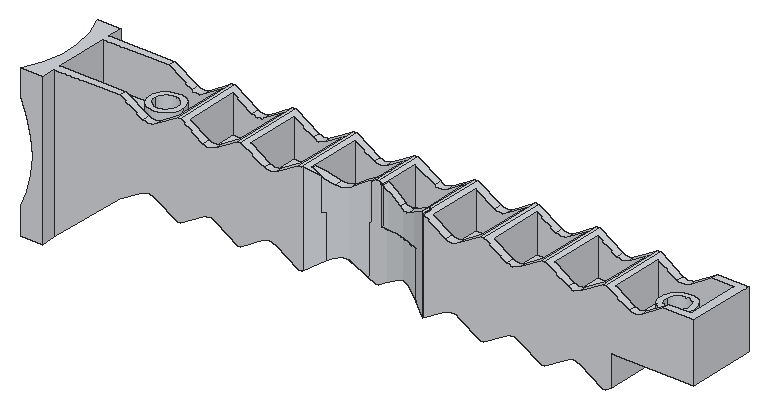
Revit family
Parameters
  URL = "www.siouxchief.com"
  Model = "570-572"
  Manufacturer = "Sioux Chief Manufacturing"
  Description = "Pipe Titan"
Reference planes (in)
  plane 1 "Center (Front/Back)": y = 0
  plane 2: z = 0
  plane 3 "Center (Left/Right)": x = 0
Forms (in)
  Extrusion 1, solid
    sketch origin (7.92561, 0.81, 1.25) x (1, 0, 0) y (0, 0, 1)
      loop
        line (-13.42561, -1.25) -> (-2.42561, -1.25) -> (-2.42561, 1.25) -> (-13.42561, 1.25) -> (-13.42561, -1.25)
    from 0 to 1.62
  Extrusion 2, void
    sketch origin (0.56, 0.81, -1.14477) x (1, 0, 0) y (0, 0, 1)
      loop
        line (-4.60098, 3.64477) -> (-4.21941, 3.41419)
        arc (-4.21941, 3.41419) -> (-4.11896, 3.38793) -> (-4.0191, 3.41635) r 0.19715
        line (-4.0191, 3.41635) -> (-3.64118, 3.64477) -> (-4.60098, 3.64477)
    from 0 to 1.62
  Extrusion 3, void
    sketch origin (1.56979, 0.81, -1.14477) x (1, 0, 0) y (0, 0, 1)
      loop
        line (-4.60098, 3.64477) -> (-4.21941, 3.41419)
        arc (-4.21941, 3.41419) -> (-4.11896, 3.38793) -> (-4.0191, 3.41635) r 0.19715
        line (-4.0191, 3.41635) -> (-3.64118, 3.64477) -> (-4.60098, 3.64477)
    from 0 to 1.62
  Extrusion 4, void
    sketch origin (2.57959, 0.81, -1.14477) x (1, 0, 0) y (0, 0, 1)
      loop
        line (-4.60098, 3.64477) -> (-4.21941, 3.41419)
        arc (-4.21941, 3.41419) -> (-4.11896, 3.38793) -> (-4.0191, 3.41635) r 0.19715
        line (-4.0191, 3.41635) -> (-3.64118, 3.64477) -> (-4.60098, 3.64477)
    from 0 to 1.62
  Extrusion 5, void
    sketch origin (3.58938, 0.81, -1.14477) x (1, 0, 0) y (0, 0, 1)
      loop
        line (-4.60098, 3.64477) -> (-4.21941, 3.41419)
        arc (-4.21941, 3.41419) -> (-4.11896, 3.38793) -> (-4.0191, 3.41635) r 0.19715
        line (-4.0191, 3.41635) -> (-3.64118, 3.64477) -> (-4.60098, 3.64477)
    from 0 to 1.62
  Extrusion 6, void
    sketch origin (4.59918, 0.81, -1.14477) x (1, 0, 0) y (0, 0, 1)
      loop
        line (-4.60098, 3.64477) -> (-4.21941, 3.41419)
        arc (-4.21941, 3.41419) -> (-4.11896, 3.38793) -> (-4.0191, 3.41635) r 0.19715
        line (-4.0191, 3.41635) -> (-3.64118, 3.64477) -> (-4.60098, 3.64477)
    from 0 to 1.62
  Extrusion 7, void
    sketch origin (5.60897, 0.81, -1.14477) x (1, 0, 0) y (0, 0, 1)
      loop
        line (-4.60098, 3.64477) -> (-4.21941, 3.41419)
        arc (-4.21941, 3.41419) -> (-4.11896, 3.38793) -> (-4.0191, 3.41635) r 0.19715
        line (-4.0191, 3.41635) -> (-3.64118, 3.64477) -> (-4.60098, 3.64477)
    from 0 to 1.62
  Extrusion 8, void
    sketch origin (6.61877, 0.81, -1.14477) x (1, 0, 0) y (0, 0, 1)
      loop
        line (-4.60098, 3.64477) -> (-4.21941, 3.41419)
        arc (-4.21941, 3.41419) -> (-4.11896, 3.38793) -> (-4.0191, 3.41635) r 0.19715
        line (-4.0191, 3.41635) -> (-3.64118, 3.64477) -> (-4.60098, 3.64477)
    from 0 to 1.62
  Extrusion 9, void
    sketch origin (7.62856, 0.81, -1.14477) x (1, 0, 0) y (0, 0, 1)
      loop
        line (-4.60098, 3.64477) -> (-4.21941, 3.41419)
        arc (-4.21941, 3.41419) -> (-4.11896, 3.38793) -> (-4.0191, 3.41635) r 0.19715
        line (-4.0191, 3.41635) -> (-3.64118, 3.64477) -> (-4.60098, 3.64477)
    from 0 to 1.62
  Extrusion 10, void
    sketch origin (8.63835, 0.81, -1.14477) x (1, 0, 0) y (0, 0, 1)
      loop
        line (-4.60098, 3.64477) -> (-4.21941, 3.41419)
        arc (-4.21941, 3.41419) -> (-4.11896, 3.38793) -> (-4.0191, 3.41635) r 0.19715
        line (-4.0191, 3.41635) -> (-3.64118, 3.64477) -> (-4.60098, 3.64477)
    from 0 to 1.62
  Extrusion 11, void
    sketch origin (0.56, 0.81, 4.59477) x (1, 0, 0) y (0, 0, 1)
      loop
        line (-4.60098, -3.64477) -> (-3.64118, -3.64477) -> (-4.0191, -3.41635)
        arc (-4.0191, -3.41635) -> (-4.11896, -3.38793) -> (-4.21941, -3.41419) r 0.19715
        line (-4.21941, -3.41419) -> (-4.60098, -3.64477)
    from 0 to 1.62
  Extrusion 12, void
    sketch origin (1.56979, 0.81, 4.59477) x (1, 0, 0) y (0, 0, 1)
      loop
        line (-4.60098, -3.64477) -> (-3.64118, -3.64477) -> (-4.0191, -3.41635)
        arc (-4.0191, -3.41635) -> (-4.11896, -3.38793) -> (-4.21941, -3.41419) r 0.19715
        line (-4.21941, -3.41419) -> (-4.60098, -3.64477)
    from 0 to 1.62
  Extrusion 13, void
    sketch origin (2.57959, 0.81, 4.59477) x (1, 0, 0) y (0, 0, 1)
      loop
        line (-4.60098, -3.64477) -> (-3.64118, -3.64477) -> (-4.0191, -3.41635)
        arc (-4.0191, -3.41635) -> (-4.11896, -3.38793) -> (-4.21941, -3.41419) r 0.19715
        line (-4.21941, -3.41419) -> (-4.60098, -3.64477)
    from 0 to 1.62
  Extrusion 14, void
    sketch origin (3.58938, 0.81, 4.59477) x (1, 0, 0) y (0, 0, 1)
      loop
        line (-4.60098, -3.64477) -> (-3.64118, -3.64477) -> (-4.0191, -3.41635)
        arc (-4.0191, -3.41635) -> (-4.11896, -3.38793) -> (-4.21941, -3.41419) r 0.19715
        line (-4.21941, -3.41419) -> (-4.60098, -3.64477)
    from 0 to 1.62
  Extrusion 15, void
    sketch origin (4.59918, 0.81, 4.59477) x (1, 0, 0) y (0, 0, 1)
      loop
        line (-4.60098, -3.64477) -> (-3.64118, -3.64477) -> (-4.0191, -3.41635)
        arc (-4.0191, -3.41635) -> (-4.11896, -3.38793) -> (-4.21941, -3.41419) r 0.19715
        line (-4.21941, -3.41419) -> (-4.60098, -3.64477)
    from 0 to 1.62
  Extrusion 16, void
    sketch origin (5.60897, 0.81, 4.59477) x (1, 0, 0) y (0, 0, 1)
      loop
        line (-4.60098, -3.64477) -> (-3.64118, -3.64477) -> (-4.0191, -3.41635)
        arc (-4.0191, -3.41635) -> (-4.11896, -3.38793) -> (-4.21941, -3.41419) r 0.19715
        line (-4.21941, -3.41419) -> (-4.60098, -3.64477)
    from 0 to 1.62
  Extrusion 17, void
    sketch origin (6.61877, 0.81, 4.59477) x (1, 0, 0) y (0, 0, 1)
      loop
        line (-4.60098, -3.64477) -> (-3.64118, -3.64477) -> (-4.0191, -3.41635)
        arc (-4.0191, -3.41635) -> (-4.11896, -3.38793) -> (-4.21941, -3.41419) r 0.19715
        line (-4.21941, -3.41419) -> (-4.60098, -3.64477)
    from 0 to 1.62
  Extrusion 18, void
    sketch origin (7.62856, 0.81, 4.59477) x (1, 0, 0) y (0, 0, 1)
      loop
        line (-4.60098, -3.64477) -> (-3.64118, -3.64477) -> (-4.0191, -3.41635)
        arc (-4.0191, -3.41635) -> (-4.11896, -3.38793) -> (-4.21941, -3.41419) r 0.19715
        line (-4.21941, -3.41419) -> (-4.60098, -3.64477)
    from 0 to 1.62
  Extrusion 19, void
    sketch origin (8.63835, 0.81, 4.59477) x (1, 0, 0) y (0, 0, 1)
      loop
        line (-4.60098, -3.64477) -> (-3.64118, -3.64477) -> (-4.0191, -3.41635)
        arc (-4.0191, -3.41635) -> (-4.11896, -3.38793) -> (-4.21941, -3.41419) r 0.19715
        line (-4.21941, -3.41419) -> (-4.60098, -3.64477)
    from 0 to 1.62
  Extrusion 20, void
    sketch origin (0, 0.81, 0) x (1, 0, 0) y (0, 0, 1)
      loop
        line (-5.13, 0) -> (5.5, 0) -> (5.5, 1.51941) -> (4.14, 1.51941) -> (4.14, 0.95) -> (-4.04098, 0.95) -> (-5.13, 0)
    from 0 to 1.62
  Extrusion 21, void
    sketch origin (0, 0, 0) x (1, 0, 0) y (0, 1, 0)
      loop
        line (5.5, 0.81) -> (-5.13, 0.81) -> (-5.13, 0.57) -> (5.5, 0.57) -> (5.5, 0.81)
    from 0 to 2.5
  Extrusion 22, void
    sketch origin (0, 0, 0) x (1, 0, 0) y (0, 1, 0)
      loop
        line (5.5, -0.81) -> (5.5, -0.57) -> (-5.13, -0.57) -> (-5.13, -0.81) -> (5.5, -0.81)
    from 0 to 2.5
  Extrusion 23, void
    sketch origin (1.07469, -0.15464, 0) x (1, 0, 0) y (0, 1, 0)
      loop
        line (-4.04098, 0.59964) -> (-4.04098, -0.29036) -> (-3.21098, -0.29036) -> (-3.21098, 0.59964) -> (-4.04098, 0.59964)
    from 1.83286 to 2.5
  Extrusion 24, void
    sketch origin (2.08449, -0.15464, 0) x (1, 0, 0) y (0, 1, 0)
      loop
        line (-4.04098, 0.59964) -> (-4.04098, -0.29036) -> (-3.21098, -0.29036) -> (-3.21098, 0.59964) -> (-4.04098, 0.59964)
    from 1.83286 to 2.5
  Extrusion 25, void
    sketch origin (3.09428, -0.15464, 0) x (1, 0, 0) y (0, 1, 0)
      loop
        line (-4.04098, 0.59964) -> (-4.04098, -0.29036) -> (-3.21098, -0.29036) -> (-3.21098, 0.59964) -> (-4.04098, 0.59964)
    from 1.83286 to 2.5
  Extrusion 26, void
    sketch origin (4.10407, -0.15464, 0) x (1, 0, 0) y (0, 1, 0)
      loop
        line (-4.04098, 0.59964) -> (-4.04098, -0.29036) -> (-3.21098, -0.29036) -> (-3.21098, 0.59964) -> (-4.04098, 0.59964)
    from 1.83286 to 2.5
  Extrusion 27, void
    sketch origin (5.11387, -0.15464, 0) x (1, 0, 0) y (0, 1, 0)
      loop
        line (-4.04098, 0.59964) -> (-4.04098, -0.29036) -> (-3.21098, -0.29036) -> (-3.21098, 0.59964) -> (-4.04098, 0.59964)
    from 1.83286 to 2.5
  Extrusion 28, void
    sketch origin (6.12366, -0.15464, 0) x (1, 0, 0) y (0, 1, 0)
      loop
        line (-4.04098, 0.59964) -> (-4.04098, -0.29036) -> (-3.21098, -0.29036) -> (-3.21098, 0.59964) -> (-4.04098, 0.59964)
    from 1.83286 to 2.5
  Extrusion 29, void
    sketch origin (7.13346, -0.15464, 0) x (1, 0, 0) y (0, 1, 0)
      loop
        line (-4.04098, 0.59964) -> (-4.04098, -0.29036) -> (-3.21098, -0.29036) -> (-3.21098, 0.59964) -> (-4.04098, 0.59964)
    from 1.83286 to 2.5
  Extrusion 30, void
    sketch origin (0.0649, -0.15464, 0) x (1, 0, 0) y (0, 1, 0)
      loop
        line (-5.1949, 0.59964) -> (-5.1949, -0.29036) -> (-3.21098, -0.29036) -> (-3.21098, 0.59964) -> (-5.1949, 0.59964)
    from 1.83286 to 2.5
  Extrusion 31, void
    sketch origin (8.14325, -0.15464, 0) x (1, 0, 0) y (0, 1, 0)
      loop
        line (-4.04098, 0.59964) -> (-4.04098, -0.29036) -> (-2.77726, -0.29036) -> (-2.77726, 0.59964) -> (-4.04098, 0.59964)
    from 1.83286 to 2.5
  Extrusion 32, void
    sketch origin (0, 0, 0) x (1, 0, 0) y (0, 1, 0)
      loop
        line (-1, -0.57) -> (1.00799, -0.57)
        arc (1.00799, -0.57) -> (0.004, -0.23956) -> (-1, -0.57) r 1.69047
    from 0 to 4.03879
  Extrusion 33, void
    sketch origin (0, 0, 0) x (1, 0, 0) y (0, 1, 0)
      loop
        line (-5.5, 0.7739) -> (-5.5, -0.79761)
        arc (-5.5, -0.79761) -> (-5.29996, -0.01186) -> (-5.5, 0.7739) r 1.64322
    from 0 to 2.5
  Extrusion 34, solid
    sketch origin (0, 0, 0) x (1, 0, 0) y (0, 1, 0)
      loop
        arc (-1, -0.57) -> (0.004, -0.23956) -> (1.00799, -0.57) r 1.69047
        line (1.00799, -0.57) -> (1.00799, -0.41144)
        arc (1.00799, -0.41144) -> (0.004, -0.10956) -> (-1, -0.41144) r 1.82047
        line (-1, -0.41144) -> (-1, -0.57)
    from 0.95 to 2.5
  Extrusion 35, void
    sketch origin (7.92561, -0.81, 1.25) x (-1, 0, 0) y (0, 0, 1)
      loop
        circle (14.97561, 0) r 1.75
    from 0 to 1.62
  Extrusion 36, solid
    sketch origin (0, 0, 0) x (1, 0, 0) y (0, 1, 0)
      loop
        circle (4.78341, 0) r 0.28
    from 1.83286 to 2.25337
  Extrusion 37, void
    sketch origin (0, 0, 0) x (1, 0, 0) y (0, 1, 0)
      loop
        circle (4.78341, 0) r 0.19
    from 1.51941 to 2.25337
  Extrusion 38, solid
    sketch origin (1.06262, 0, 0) x (-1, 0, 0) y (0, -1, 0)
      loop
        circle (4.78341, 0) r 0.28
    from 1.83286 to 2.25337
  Extrusion 39, void
    sketch origin (-8.50421, 0, 0) x (1, 0, 0) y (0, 1, 0)
      loop
        circle (4.78341, 0) r 0.19
    from 0.95 to 2.5
Cuts and joins
  Extrusion 2, Extrusion 3, Extrusion 4, Extrusion 5, Extrusion 6, Extrusion 7, Extrusion 8, Extrusion 9, Extrusion 10, Extrusion 11, Extrusion 12, Extrusion 13, Extrusion 14, Extrusion 15, Extrusion 16, Extrusion 17, Extrusion 18, Extrusion 19, Extrusion 20, Extrusion 21, Extrusion 22, Extrusion 23, Extrusion 24, Extrusion 25, Extrusion 26, Extrusion 27, Extrusion 28, Extrusion 29, Extrusion 30, Extrusion 31, Extrusion 32, Extrusion 33, Extrusion 35, Extrusion 37, Extrusion 39 cuts Extrusion 1
  Extrusion 5, Extrusion 6, Extrusion 14, Extrusion 15 cuts Extrusion 34
  Extrusion 37, Extrusion 39 cuts Extrusion 36
  Extrusion 39 cuts Extrusion 38
Dimensions and locks (in)
  radius of Extrusion 37 sketch curve = 0.19"
  radius of Extrusion 39 sketch curve = 0.19"
  aligned and locked: plane 2 to level
  aligned and locked: Extrusion 1 to Extrusion 2
  aligned and locked: Extrusion 20 to Extrusion 1
  aligned and locked: Extrusion 1 to Extrusion 11
  aligned and locked: Extrusion 1 to Extrusion 3
  aligned and locked: Extrusion 1 to Extrusion 12
  aligned and locked: Extrusion 1 to Extrusion 10
  aligned and locked: Extrusion 1 to Extrusion 9
  aligned and locked: Extrusion 1 to Extrusion 8
  aligned and locked: Extrusion 1 to Extrusion 19
  aligned and locked: Extrusion 1 to Extrusion 18
  aligned and locked: Extrusion 1 to Extrusion 17
  aligned and locked: Extrusion 1 to Extrusion 7
  aligned and locked: Extrusion 1 to Extrusion 16
  aligned and locked: Extrusion 1 to Extrusion 6
  aligned and locked: Extrusion 1 to Extrusion 4
  aligned and locked: Extrusion 1 to Extrusion 13
  aligned and locked: Extrusion 1 to Extrusion 15
  aligned and locked: Extrusion 1 to Extrusion 5
  aligned and locked: Extrusion 1 to Extrusion 14
  aligned and locked: Extrusion 22 to Extrusion 1
  aligned and locked: Extrusion 1 to Extrusion 21
  aligned and locked: Extrusion 1 to Extrusion 23
  aligned and locked: Extrusion 1 to Extrusion 33
  aligned: cut or joined group of Extrusion 1, Extrusion 2, Extrusion 3, Extrusion 4, Extrusion 5, Extrusion 6, Extrusion 7, Extrusion 8, Extrusion 9, Extrusion 10, Extrusion 11, Extrusion 12, Extrusion 13, Extrusion 14, Extrusion 15, Extrusion 16, Extrusion 17, Extrusion 18, Extrusion 19, Extrusion 20, Extrusion 21, Extrusion 22, Extrusion 23, Extrusion 24, Extrusion 25, Extrusion 26, Extrusion 27, Extrusion 28, Extrusion 29, Extrusion 30, Extrusion 31, Extrusion 32, Extrusion 33, Extrusion 35, Extrusion 37, Extrusion 39 to Extrusion 34
  aligned and locked: Extrusion 1 to Extrusion 35
  aligned and locked: cut or joined group of Extrusion 36, Extrusion 37, Extrusion 39 to Extrusion 37
  aligned and locked: Extrusion 1 to Extrusion 39
  aligned and locked: Extrusion 11 to Extrusion 39
